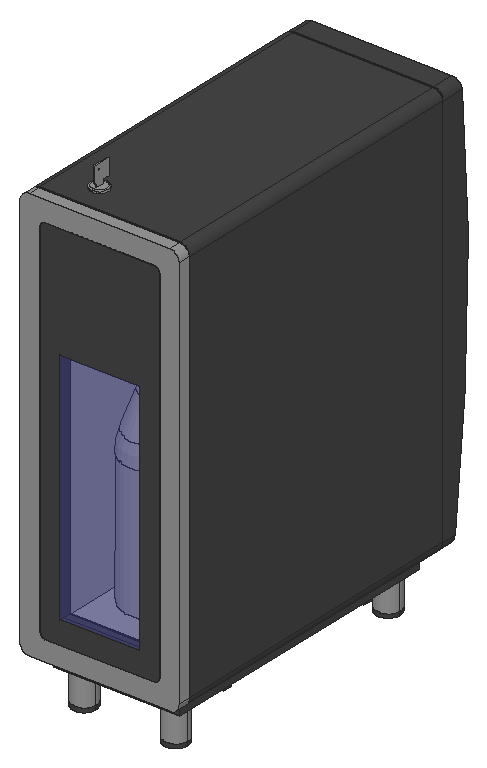
Revit family "Franke_Flavor_Station_FS6-A1000_FM_CM(EU,CH,GB)", category Specialty Equipment, Revit 2015
Parameters (values of type "Flavor Station FS6 - A1000 FM CM(220-240V/anthracite/EU,CH,GB)")
  Watts max. = 0 W
  Volts max. = 240 V
  URL = "https://www.franke.com/main/en/cs/products/product-search.html"
  Depth (mm) = 452 mm
  Volts min. = 220 V
  Max Overcurrent Protection = "-"
  Cycle Alternative = 60 Hz
  Cycle = 50 Hz
  Model = "Flavor Station FS6 - A1000 FM CM"
  Watts min. = 0 W
  Cost = 0
  Capacity = "up to 6 bottles"
  Height (mm) = 544 mm
  Manufacturer = "Franke"
  Energy loss acc. to DIN 18873 = "-"
  Width (mm) = 200 mm
  Description = "key module Flavor Station enables the automated and constant dosing of syrup in the coffee / milk"
  Assembly Code = "key module Flavor Station"
  Keynote = "key module Flavor Station"
  Weight = "17 kg"
  Number of Poles = 1
  Number of Protective Conductors = "1"
  Number of Nutral Conductors = "1"
  Frontcover = Franke Anthracite
Types (3, lengths in mm): name | Frontcover
  (no name) | Franke Anthracite
  Flavor Station FS6 - A1000 FM CM(220-240V/black line/EU,CH,GB) | Franke Black
  Flavor Station FS6 - A1000 FM CM(220-240V/anthracite/EU,CH,GB) | Franke Anthracite
Reference planes
  plane 1 "Mitte (Vorne/Hinten)": y = 0
  plane 2: z = 0
  plane 3 "Mitte (Links/Rechts)": x = 0
Forms (mm)
  Revolve 1, solid, material "Franke Glass (coloured)"
    sketch origin (0, -122.422, 0) x (1, 0, 0) y (0, 0, 1)
      loop
        line (0, 119) -> (42.5, 119) -> (42.5, 285)
        arc (42.5, 285) -> (41.359, 298.689) -> (37.969, 312) r 82.717
        arc (37.969, 312) -> (30.026, 334.024) -> (21.951, 356) r 3887.726
        arc (21.951, 356) -> (18.197, 369.268) -> (16.953, 383) r 74.483
        line (16.953, 383) -> (0, 383) -> (0, 119)
      axis (0, 119) -> (0, 383)
    angle from 0 to 360
  Revolve 2, solid, material "Franke Coloured plastic"
    sketch origin (0, -122.422, 0) x (1, 0, 0) y (0, 0, 1)
      loop
        line (0, 383) -> (16.953, 383) -> (16.953, 417) -> (0, 417) -> (0, 383)
      axis (0, 383) -> (0, 417)
    angle from 0 to 360
  Extrusion 3, solid, material "Franke Anthracite" <- "Frontcover"
    sketch origin (0, 0, 0) x (1, 0, 0) y (0, 0, 1)
      loop
        line (88, 585) -> (-88, 585)
        arc (-88, 585) -> (-96.485, 581.485) -> (-100, 573) r 12
        line (-100, 573) -> (-100, 77)
        arc (-100, 77) -> (-96.485, 68.515) -> (-88, 65) r 12
        line (-88, 65) -> (-85, 65) -> (85, 65) -> (88, 65)
        arc (88, 65) -> (96.485, 68.515) -> (100, 77) r 12
        line (100, 77) -> (100, 573)
        arc (100, 573) -> (96.485, 581.485) -> (88, 585) r 12
      loop
        arc (67, 90) -> (72.657, 92.343) -> (75, 98) r 8
        line (75, 98) -> (75, 552)
        arc (75, 552) -> (72.657, 557.657) -> (67, 560) r 8
        line (67, 560) -> (-67, 560)
        arc (-67, 560) -> (-72.657, 557.657) -> (-75, 552) r 8
        line (-75, 552) -> (-75, 98)
        arc (-75, 98) -> (-72.657, 92.343) -> (-67, 90) r 8
        line (-67, 90) -> (67, 90)
    from 199.53 to 214.53
  Extrusion 4, solid, material "Franke Black"
    sketch origin (0, 0, 0) x (1, 0, 0) y (0, 0, 1)
      loop
        arc (-67, 560) -> (-72.657, 557.657) -> (-75, 552) r 8
        line (-75, 552) -> (-75, 98)
        arc (-75, 98) -> (-72.657, 92.343) -> (-67, 90) r 8
        line (-67, 90) -> (67, 90)
        arc (67, 90) -> (72.657, 92.343) -> (75, 98) r 8
        line (75, 98) -> (75, 552)
        arc (75, 552) -> (72.657, 557.657) -> (67, 560) r 8
        line (67, 560) -> (-67, 560)
      loop
        line (-50, 417) -> (-50, 119) -> (50, 119) -> (50, 417) -> (-50, 417)
    from 199.53 to 214.53
  Extrusion 5, solid, material "Franke Glass"
    sketch origin (0, 0, 0) x (1, 0, 0) y (0, 0, 1)
      loop
        line (-50, 417) -> (-50, 119) -> (50, 119) -> (50, 417) -> (-50, 417)
    from 209.53 to 214.53
  Extrusion 6, solid, material "Franke Black"
    sketch origin (0, 0, 0) x (1, 0, 0) y (0, 0, 1)
      loop
        line (88, 585) -> (-88, 585)
        arc (-88, 585) -> (-96.485, 581.485) -> (-100, 573) r 12
        line (-100, 573) -> (-100, 77)
        arc (-100, 77) -> (-96.485, 68.515) -> (-88, 65) r 12
        line (-88, 65) -> (-85, 65) -> (85, 65) -> (88, 65)
        arc (88, 65) -> (96.485, 68.515) -> (100, 77) r 12
        line (100, 77) -> (100, 573)
        arc (100, 573) -> (96.485, 581.485) -> (88, 585) r 12
    from -198.03 to 198.03
  Extrusion 7, void
    sketch origin (0, 0, 0) x (1, 0, 0) y (0, 0, 1)
      loop
        line (-55, 422) -> (-55, 114) -> (55, 114) -> (55, 422) -> (-55, 422)
    from 4.53 to 267.821
  Extrusion 8, solid, material "Franke Black"
    sketch origin (0, 0, 0) x (0, 1, 0) y (0, 0, 1)
      loop
        line (186.97, 65) -> (-188.03, 65) -> (-188.03, 45) -> (186.97, 45) -> (186.97, 65)
    from -79 to 79
  Extrusion 9, solid, material "Franke Black"
    sketch origin (0, 0, 0) x (0, 1, 0) y (0, 0, 1)
      loop
        line (199.53, 585) -> (199.53, 65) -> (216.03, 65)
        arc (216.03, 65) -> (224.982, 150.997) -> (233.478, 237.039) r 16328.175
        arc (233.478, 237.039) -> (233.864, 241.879) -> (234.093, 246.728) r 150
        arc (234.093, 246.728) -> (236.227, 326.074) -> (237.701, 405.435) r 9548.581
        arc (237.701, 405.435) -> (237.699, 406.999) -> (237.648, 408.563) r 50
        arc (237.648, 408.563) -> (233.118, 496.797) -> (228.03, 585) r 14002.549
        line (228.03, 585) -> (199.53, 585)
    from -100 to 100
  Extrusion 10, void
    sketch origin (0, 0, 0) x (1, 0, 0) y (0, 0, 1)
      loop
        line (-88, 585) -> (-88, 595) -> (-110, 595) -> (-110, 573) -> (-100, 573)
        arc (-100, 573) -> (-96.485, 581.485) -> (-88, 585) r 12
      loop
        arc (88, 585) -> (96.485, 581.485) -> (100, 573) r 12
        line (100, 573) -> (110, 573) -> (110, 595) -> (88, 595) -> (88, 585)
      loop
        arc (-88, 65) -> (-96.485, 68.515) -> (-100, 77) r 12
        line (-100, 77) -> (-110, 77) -> (-110, 55) -> (-88, 55) -> (-88, 65)
      loop
        line (88, 65) -> (88, 55) -> (110, 55) -> (110, 77) -> (100, 77)
        arc (100, 77) -> (96.485, 68.515) -> (88, 65) r 12
    from -305.226 to 299.817
  Revolve 11, solid, material "Franke Chrome"
    sketch origin (-42, 0, 0) x (0, 1, 0) y (0, 0, 1)
      loop
        line (-162.53, 588) -> (-172.563, 588)
        arc (-172.563, 588) -> (-173.27, 587.707) -> (-173.563, 587) r 1
        line (-173.563, 587) -> (-173.563, 585) -> (-162.53, 585) -> (-162.53, 588)
      axis (-162.53, 588) -> (-162.53, 585)
    angle from 0 to 360
  Extrusion 12, solid, material "Franke Chrome"
    sketch origin (0, 0, 0) x (1, 0, 0) y (0, 1, 0)
      loop
        circle (57.5, -167.03) r 15
      loop
        circle (57.5, 166.47) r 15
      loop
        circle (-57.5, -167.03) r 15
      loop
        circle (-57.5, 166.47) r 15
    from 5 to 45
  Extrusion 13, solid, material "Franke Black"
    sketch origin (0, 0, 10) x (0, -1, 0) y (1, 0, 0)
      loop
        circle (167.03, -57.5) r 15
      loop
        circle (-166.47, -57.5) r 15
      loop
        circle (167.03, 57.5) r 15
      loop
        circle (-166.47, 57.5) r 15
    from -10 to -5
  Extrusion 14, solid, material "Franke Black"
    sketch origin (0, 0, 0) x (1, 0, 0) y (0, 1, 0)
      loop
        line (-76.6, 116.47) -> (-76.6, 104.47) -> (-62.6, 104.47) -> (-62.6, 116.47) -> (-76.6, 116.47)
      loop
        line (-76.6, -104.03) -> (-76.6, -116.03) -> (-62.6, -116.03) -> (-62.6, -104.03) -> (-76.6, -104.03)
      loop
        line (76.6, 116.47) -> (62.6, 116.47) -> (62.6, 104.47) -> (76.6, 104.47) -> (76.6, 116.47)
      loop
        line (76.6, -104.03) -> (62.6, -104.03) -> (62.6, -116.03) -> (76.6, -116.03) -> (76.6, -104.03)
    from 40 to 45
  Extrusion 15, solid, material "Franke internal space FS3"
    sketch origin (0, 0, 0) x (1, 0, 0) y (0, 0, 1)
      loop
        line (55, 422) -> (-55, 422) -> (-55, 114) -> (55, 114) -> (55, 422)
      loop
        line (50, 417) -> (-50, 417) -> (-50, 119) -> (50, 119) -> (50, 417)
    from 0 to 198.03
  Extrusion 16, solid
    sketch origin (0, 0, 0) x (1, 0, 0) y (0, 0, 1)
      loop
        line (-90, 75) -> (90, 75) -> (90, 575) -> (-90, 575) -> (-90, 75)
      loop
        line (55, 422) -> (-55, 422) -> (-55, 114) -> (55, 114) -> (55, 422)
    from 198.03 to 199.53
  Extrusion 17, solid
    sketch origin (0, 397.56, 0) x (1, 0, 0) y (0, 0, 1)
      loop
        line (-90, 75) -> (90, 75) -> (90, 575) -> (-90, 575) -> (-90, 75)
    from 198.03 to 199.53
  Extrusion 18, solid, material "Franke Chrome"
    sketch origin (0, 0, 0) x (0, 1, 0) y (0, 0, 1)
      loop
        arc (-169.199, 613) -> (-169.907, 612.707) -> (-170.199, 612) r 1
        line (-170.199, 612) -> (-170.199, 594)
        arc (-170.199, 594) -> (-169.907, 593.293) -> (-169.199, 593) r 1
        line (-169.199, 593) -> (-167.163, 593) -> (-167.163, 588) -> (-157.898, 588) -> (-157.898, 593) -> (-149.885, 593)
        arc (-149.885, 593) -> (-149.178, 593.293) -> (-148.885, 594) r 1
        line (-148.885, 594) -> (-148.885, 612)
        arc (-148.885, 612) -> (-149.178, 612.707) -> (-149.885, 613) r 1
        line (-149.885, 613) -> (-169.199, 613)
      loop
        circle (-164.449, 607.092) r 2
    from -43 to -41
  Extrusion 19, solid, material "Franke Chrome"
    sketch origin (0, 0, 0) x (1, 0, 0) y (0, 1, 0)
      loop
        circle (0, 147.268) r 2.5
    from 40 to 45
Cuts and joins
  Extrusion 10 cuts Extrusion 9
  Extrusion 7 cuts Extrusion 6
Dimensions and locks
  aligned and locked: level to plane 2
Connectors
  electrical at (0, 147.268, 40), driven by "Volts min.", driven by "Number of Poles"
    settings: on Extrusion 19, index 1, voltage 220 V, apparent load 0 VA, apparent load phase1 0 VA, apparent load phase2 0 VA, apparent load phase3 0 VA, power factor 1, load classification "Strom", number of poles 1, system type 31, power factor state 1, is connector primary yes, connector utility no, sub classification motor no, connector description ""
